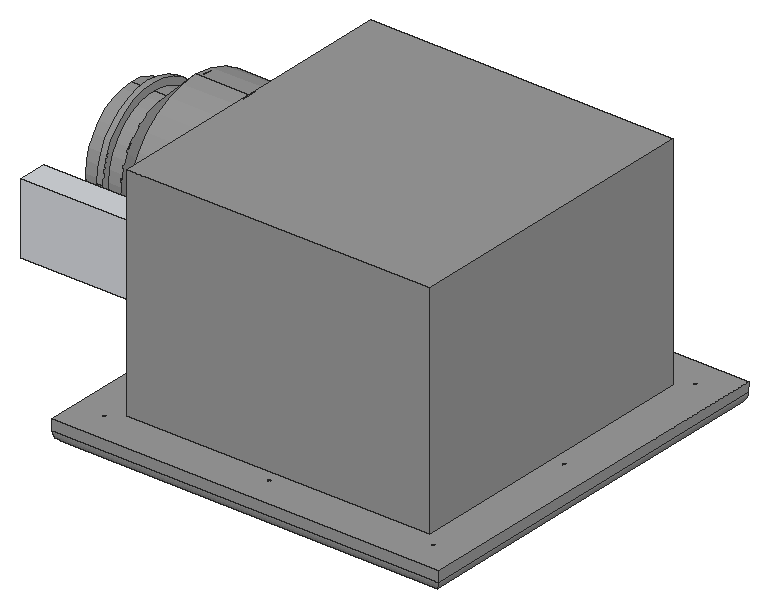
Revit family "ЦБФ_Eng", category Mechanical Equipment, Revit 2021
Family settings
  Round Connector Dimension = Use Diameter
  Classification = None
  Part Type = Normal
  Work Plane-Based = No
  Always vertical = Yes
  Cut with Voids When Loaded = No
  Shared = No
  Room Calculation Point = No
Parameters (values of type "CBF 200")
  Сonnector 2 = not(Сonnector 1)  # no
  Сonnector 1 = yes
  Width = C  # 260 mm
  Weight = 5.30 kg
  Voltage = 230 V
  Sound pressure level at 3 m distance = "24 dBA"
  Pressure_Static_Air [instance] = 0.0 Pa
  Power = 29 W
  Number of Fase = 1
  Maximum Air Flow = 210.0 m³/h
  Load Classification = "HVAC"
  Length = E  # 395 mm
  Height = H + h  # 206 mm
  Frequency = 50 Hz
  Diameter = D  # 148 mm
  Default Elevation = 0 mm
  Description = "For round channels"  # constant formula
  Manufacturer = "Vents"  # constant formula
  r = d / 2  # 49 mm
  l3 = L1 * 0.7  # 70 mm
  l2 = L1 / 2 - 5 mm  # 45 mm
  h = 18 mm  # constant formula
  d = 98 mm  # constant formula
  b = B / 2  # 129 mm
  URL = "https://ventilation-system.com/series/cbf"
  R = D / 2  # 74 mm
  Maintenance zone material = none
  L1 = 100 mm
  H1 = H - 100 mm  # 88 mm
  H = 188 mm  # constant formula
  E = 395 mm  # constant formula
  Dy = D - 5 mm  # 143 mm
  D = 148 mm
  Сonnector = Plastic, opaque, white
  C = 260 mm  # constant formula
  B1 = B - 100 mm  # 158 mm
  B = 258 mm  # constant formula
  Apparent Load = Voltage * Amperage  # 29.9 W
  Amperage = 0.13 A
  Air Flow [instance] = 0.0 m³/h
  A = 330 mm  # constant formula
  09_System_Name [instance] = ""
  00_20_Type = "CBF 200"
  00_20_Name = "Centrifugal ceiling fan"  # constant formula
  00_20_Manufacturer = "Vents"  # constant formula
Types (6, lengths in mm): name | Сonnector 2 | Сonnector 1 | Weight | Voltage | Sound pressure level at 3 m distance | Power | Maximum Air Flow | Frequency | Diameter | l3 | l2 | R | L1 | Dy | D | Apparent Load | Amperage | 00_20_Type
  (no name) | no | yes | 5.30 kg | 230 V | "24 dBA" | 29 W | 210.0 m³/h | 50 Hz | 148 | 70 | 45 | 74 | 100 | 143 | 148 | 29.9 W | 0.13 A | "CBF 200"
  CBF 200 | no | yes | 5.30 kg | 230 V | "24 dBA" | 29 W | 210.0 m³/h | 50 Hz | 148 | 70 | 45 | 74 | 100 | 143 | 148 | 29.9 W | 0.13 A | "CBF 200"
  CBF 250 | no | yes | 5.30 kg | 230 V | "29 dBA" | 39 W | 260.0 m³/h | 50 Hz | 148 | 70 | 45 | 74 | 100 | 143 | 148 | 41.4 W | 0.18 A | "CBF 250"
  CBF 300 | yes | no | 5.10 kg | 230 V | "31 dBA" | 49 W | 300.0 m³/h | 50 Hz | 149 | 35 | 20 | 74.5 | 50 | 144 | 149 | 50.6 W | 0.22 A | "CBF 300"
  CBF 110 DC | no | yes | 0.00 kg | 120 V | "25 dBA" | 19 W | 187.0 m³/h | 60 Hz | 148 | 70 | 45 | 74 | 100 | 143 | 148 | 36 W | 0.3 A | "CBF 110 DC"
  CBF 150 DC | yes | no | 0.00 kg | 120 V | "29 dBA" | 26 W | 254.0 m³/h | 60 Hz | 149 | 35 | 20 | 74.5 | 50 | 144 | 149 | 46.8 W | 0.39 A | "CBF 150 DC"
Reference planes
  plane 1 "По центру (Вперед/Назад)": y = 0
  plane 2: z = 0
  plane 3 "По центру (Влево/Вправо)": x = 0
  plane 4: x = 165
  plane 5: x = -165
  plane 6: x = -230
Forms (mm)
  Extrusion 1, solid, material "Сталь, гальванизированная"
    sketch origin (0, 0, 0) x (1, 0, 0) y (0, 1, 0)
      loop
        line (-129, -130) -> (129, -130) -> (129, 130) -> (-129, 130) -> (-129, -130)
    from 0 to 188
  Revolve 2, solid, material "Сталь, гальванизированная", visible <- "Сonnector 1"
    sketch origin (0.528, 0, 0) x (1, 0, 0) y (0, 0, 1)
      loop
        line (-129.528, 188.001) -> (-174.528, 188.001) -> (-199.528, 163.001) -> (-229.528, 163.001) -> (-229.528, 161) -> (-198.7, 161) -> (-173.7, 186) -> (-129.528, 186) -> (-129.528, 188.001)
      axis (-129.528, 114.001) -> (-229.528, 114.001)
    angle from 0 to 360
  Extrusion 3, solid, material "Каучук, черный", visible <- "Сonnector 1"
    sketch origin (0, 0, 0) x (0, 1, 0) y (0, 0, 1)
      loop
        circle (0, 114) r 49
      loop
        circle (0, 114) r 55
    from -215 to -210
  Extrusion 4, solid
    sketch origin (0, 0, 0) x (1, 0, 0) y (0, 1, 0)
      loop
        line (-129, -92.526) -> (-230, -92.526) -> (-230, -117.526) -> (-129, -117.526) -> (-129, -92.526)
    from 80 to 140.03
  Extrusion 5, solid, visible <- "Сonnector 2"
    sketch origin (0, 0, 0) x (0, 1, 0) y (0, 0, 1)
      loop
        circle (0, 113) r 74
      loop
        circle (0, 113) r 71.5
    from -229.625 to -129
Dimensions and locks
  equal spacing: Extrusion 1 sketch curve, plane 3 "По центру (Влево/Вправо)", Extrusion 1 sketch curve
  equal spacing: Extrusion 1 sketch curve, plane 1 "По центру (Вперед/Назад)", Extrusion 1 sketch curve
  "C": Extrusion 1 sketch curve to Extrusion 1 sketch curve
  "B": Extrusion 1 sketch curve to Extrusion 1 sketch curve
  "H": Extrusion 1 to level
  "R": Revolve 2 sketch curve to Revolve 2 sketch curve
  "r": Revolve 2 sketch curve to Revolve 2 sketch curve
  locked: Revolve 2 sketch curve to Revolve 2 sketch curve at 2
  equal spacing: plane 5, plane 3 "По центру (Влево/Вправо)", plane 4
  "A": plane 5 to plane 4
  "E": plane 6 to plane 4
  locked: Revolve 2 sketch curve to Revolve 2 sketch curve at 2.001  (x2)
  "L1": Revolve 2 sketch curve to Revolve 2 sketch curve
  "l2": Revolve 2 sketch curve to Revolve 2 sketch curve
  "b": plane 3 "По центру (Влево/Вправо)" to Revolve 2 sketch curve
  "l3": Revolve 2 sketch curve to Revolve 2 sketch curve
  "R": Extrusion 1 to Extrusion 3 sketch curve
  "d": diameter of Extrusion 3 sketch curve
  "D": diameter of Extrusion 5 sketch curve
  "Dy": diameter of Extrusion 5 sketch curve
  aligned and locked: level to plane 2
  aligned and locked: nested 1 to plane 2
  aligned and locked: plane 1 "По центру (Вперед/Назад)" to nested 1
  aligned and locked: plane 3 "По центру (Влево/Вправо)" to nested 1
  aligned and locked: Extrusion 5 to Extrusion 1
  aligned and locked: Extrusion 4 to plane 6
Automatic sketch dimensions
  plane 1 "По центру (Вперед/Назад)" to Extrusion 4 sketch curve = 92.526 mm
  Extrusion 4 sketch curve to plane 3 "По центру (Влево/Вправо)" = 230 mm
  Extrusion 4 sketch curve to Extrusion 4 sketch curve = 101 mm
  Extrusion 4 sketch curve to Extrusion 4 sketch curve = 25 mm
  level to Revolve 2 sketch curve = 161 mm
  Revolve 2 sketch curve to plane 6 = 37.656 mm
  plane 5 to Revolve 2 sketch curve = 30.189 mm
  Extrusion 3 sketch curve to Extrusion 3 sketch curve = 0 mm  (x2)
  Extrusion 3 sketch curve to plane 1 "По центру (Вперед/Назад)" = 0 mm
  Extrusion 5 sketch curve to Extrusion 5 sketch curve = 0 mm  (x2)
  Extrusion 5 sketch curve to plane 1 "По центру (Вперед/Назад)" = 0 mm
  level to Extrusion 5 sketch curve = 113 mm
  radius of Extrusion 3 sketch curve = 55 mm
Nested families
  nested 1: "ORG" at (0, 0, 0) x (1, 0, 0) z (0, -1, 0), type "ORG 330х330"
    with Pressure_Static_Air 0.0 m³/h, Maximum Air Flow 0.0 m³/h, Air Flow 0.0 m³/h, 09_System_Name "", 00_20_Type "ОРГ 200х200", 00_20_Name "Припливно-витяжна решітка", r 9 mm, D 18 mm
Connectors
  hvac at (-129, 0, 114.001), driven by "D"
    settings: on Revolve 2, index 1, duct flow 0.0 m³/h, flow factor 0, pres drop 0.0 Pa, loss coef 0, conn angle 0.00°, conn width 304.8 mm, conn height 304.8 mm, conn diameter 148 mm, duct sys type 3, conn prof type 0, flow config 0, flow direction 2, loss method 0, conn ref index -1, conn util no, is conn primary yes, conn desc ""
Definition of nested family "ORG"
  Parameters (values of type "ОРГ 330х330")
    Default Elevation = 0 mm
    Вага = 6.50 kg
    t = 2 mm
    r = D / 2  # 2.5 mm
    n горизонталь = A1 / S горизонталь  # 3
    n вертикаль = B1 / S вертикаль  # 23
    a2 = -A1 / 2  # -115 mm
    a1 = A1 / 2  # 115 mm
    S горизонталь = 75 mm
    S вертикаль = 10 mm
    Pressure_Static_Air [instance] = 0.0 m³/h
    Maximum Air Flow [instance] = 0.0 m³/h
    Maintenance zone material = none
    Load Classification = "HVAC"
    D = 5 mm
    B2 = B - C  # 280 mm
    B1 = B - C * 2  # 230 mm
    C = 50 mm
    B = 330 mm
    Air Flow [instance] = 0.0 m³/h
    A2 = A - C  # 280 mm
    A1 = A - 2 * C  # 230 mm
    A = 330 mm
    09_System_Name [instance] = ""
    00_20_Type [instance] = "ОРГ 200х200"
    00_20_Name [instance] = "Припливно-витяжна решітка"
    00_20_Manufacturer = "Вентс"  # constant formula
  Reference planes
    plane 1 "По центру (Вперед/Назад)": y = 0
    plane 2: z = 0
    plane 3 "По центру (Влево/Вправо)": x = 0
    plane 4: x = 115
    plane 5: x = -115
    plane 6: z = 115
    plane 7: z = -115
    plane 8: z = 140
    plane 9: x = -140
    plane 10: x = 140
    plane 11: z = -140
  Forms (mm)
    Extrusion 1, solid
      sketch origin (-145.595, 0, 117.557) x (1, 0, 0) y (0, 0, 1)
        loop
          line (30.595, -232.557) -> (260.595, -232.557) -> (260.595, -2.557) -> (30.595, -2.557) -> (30.595, -232.557)
        loop
          line (-19.405, -282.557) -> (310.595, -282.557) -> (310.595, 47.443) -> (-19.405, 47.443) -> (-19.405, -282.557)
      from 0 to 5 <- "D"
    Extrusion 2, solid
      sketch origin (0, -3, -104) x (0, 1, 0) y (0, 0, 1)
        loop
          line (3, 215.798) -> (-2, 215.798) -> (-2, 213.798) -> (3, 213.798) -> (3, 215.798)
      from 115 <- "a1" to -115 <- "a2"
    Extrusion 3, solid
      sketch origin (0, -3, -114) x (0, 1, 0) y (0, 0, 1)
        loop
          line (3, 215.798) -> (-2, 215.798) -> (-2, 213.798) -> (3, 213.798) -> (3, 215.798)
      from 115 <- "a1" to -115 <- "a2"
    Extrusion 4, solid
      sketch origin (0, -3, -124) x (0, 1, 0) y (0, 0, 1)
        loop
          line (3, 215.798) -> (-2, 215.798) -> (-2, 213.798) -> (3, 213.798) -> (3, 215.798)
      from 115 <- "a1" to -115 <- "a2"
    Extrusion 5, solid
      sketch origin (0, -3, -134) x (0, 1, 0) y (0, 0, 1)
        loop
          line (3, 215.798) -> (-2, 215.798) -> (-2, 213.798) -> (3, 213.798) -> (3, 215.798)
      from 115 <- "a1" to -115 <- "a2"
    Extrusion 6, solid
      sketch origin (0, -3, -144) x (0, 1, 0) y (0, 0, 1)
        loop
          line (3, 215.798) -> (-2, 215.798) -> (-2, 213.798) -> (3, 213.798) -> (3, 215.798)
      from 115 <- "a1" to -115 <- "a2"
    Extrusion 7, solid
      sketch origin (0, -3, -154) x (0, 1, 0) y (0, 0, 1)
        loop
          line (3, 215.798) -> (-2, 215.798) -> (-2, 213.798) -> (3, 213.798) -> (3, 215.798)
      from 115 <- "a1" to -115 <- "a2"
    Extrusion 8, solid
      sketch origin (0, -3, -164) x (0, 1, 0) y (0, 0, 1)
        loop
          line (3, 215.798) -> (-2, 215.798) -> (-2, 213.798) -> (3, 213.798) -> (3, 215.798)
      from 115 <- "a1" to -115 <- "a2"
    Extrusion 9, solid
      sketch origin (0, -3, -174) x (0, 1, 0) y (0, 0, 1)
        loop
          line (3, 215.798) -> (-2, 215.798) -> (-2, 213.798) -> (3, 213.798) -> (3, 215.798)
      from 115 <- "a1" to -115 <- "a2"
    Extrusion 10, solid
      sketch origin (0, -3, -184) x (0, 1, 0) y (0, 0, 1)
        loop
          line (3, 215.798) -> (-2, 215.798) -> (-2, 213.798) -> (3, 213.798) -> (3, 215.798)
      from 115 <- "a1" to -115 <- "a2"
    Extrusion 11, solid
      sketch origin (0, -3, -194) x (0, 1, 0) y (0, 0, 1)
        loop
          line (3, 215.798) -> (-2, 215.798) -> (-2, 213.798) -> (3, 213.798) -> (3, 215.798)
      from 115 <- "a1" to -115 <- "a2"
    Sweep 12, void
      path in 3D
        loop
          line (-165, -5, 165) -> (-165, -5, -165) -> (165, -5, -165) -> (165, -5, 165) -> (-165, -5, 165)
      profile origin (0, -5, 165) x (0, -1, 0) y (0, 0, 1)
        loop
          line (0, 0) -> (-2.5, 0)
          arc (-2.5, 0) -> (-0.732, -0.732) -> (0, -2.5) r 2.5
          line (0, -2.5) -> (0, 0)
    Extrusion 13, void
      sketch origin (0, 0, 0) x (1, 0, 0) y (0, 0, 1)
        loop
          circle (140.01, 140.01) r 1
        loop
          circle (-140.01, 140.01) r 1
        loop
          circle (140, 0) r 1
        loop
          circle (-140, 0) r 1
        loop
          circle (-140.01, -140.01) r 1
        loop
          circle (140.01, -140.01) r 1
        loop
          circle (0, -140) r 1
        loop
          circle (0, 140) r 1
      from 0 to 5 <- "D"
    Extrusion 14, solid
      sketch origin (0, -3, -204) x (0, 1, 0) y (0, 0, 1)
        loop
          line (3, 215.798) -> (-2, 215.798) -> (-2, 213.798) -> (3, 213.798) -> (3, 215.798)
      from 115 <- "a1" to -115 <- "a2"
    Extrusion 15, solid
      sketch origin (-79.143, 0, -80) x (1, 0, 0) y (0, 0, 1)
        loop
          line (-32.857, -35) -> (-30.857, -35) -> (-30.857, 195) -> (-32.857, 195) -> (-32.857, -35)
      from 0 to 5 <- "D"
    Extrusion 16, solid
      sketch origin (-4.143, 0, -80) x (1, 0, 0) y (0, 0, 1)
        loop
          line (-32.857, -35) -> (-30.857, -35) -> (-30.857, 195) -> (-32.857, 195) -> (-32.857, -35)
      from 0 to 5 <- "D"
    Extrusion 17, solid
      sketch origin (70.857, 0, -80) x (1, 0, 0) y (0, 0, 1)
        loop
          line (-32.857, -35) -> (-30.857, -35) -> (-30.857, 195) -> (-32.857, 195) -> (-32.857, -35)
      from 0 to 5 <- "D"
    Extrusion 18, solid
      sketch origin (0, -3, -214) x (0, 1, 0) y (0, 0, 1)
        loop
          line (3, 215.798) -> (-2, 215.798) -> (-2, 213.798) -> (3, 213.798) -> (3, 215.798)
      from 115 <- "a1" to -115 <- "a2"
    Extrusion 19, solid
      sketch origin (0, -3, -224) x (0, 1, 0) y (0, 0, 1)
        loop
          line (3, 215.798) -> (-2, 215.798) -> (-2, 213.798) -> (3, 213.798) -> (3, 215.798)
      from 115 <- "a1" to -115 <- "a2"
    Extrusion 20, solid
      sketch origin (0, -3, -234) x (0, 1, 0) y (0, 0, 1)
        loop
          line (3, 215.798) -> (-2, 215.798) -> (-2, 213.798) -> (3, 213.798) -> (3, 215.798)
      from 115 <- "a1" to -115 <- "a2"
    Extrusion 21, solid
      sketch origin (0, -3, -244) x (0, 1, 0) y (0, 0, 1)
        loop
          line (3, 215.798) -> (-2, 215.798) -> (-2, 213.798) -> (3, 213.798) -> (3, 215.798)
      from 115 <- "a1" to -115 <- "a2"
    Extrusion 22, solid
      sketch origin (0, -3, -254) x (0, 1, 0) y (0, 0, 1)
        loop
          line (3, 215.798) -> (-2, 215.798) -> (-2, 213.798) -> (3, 213.798) -> (3, 215.798)
      from 115 <- "a1" to -115 <- "a2"
    Extrusion 23, solid
      sketch origin (0, -3, -264) x (0, 1, 0) y (0, 0, 1)
        loop
          line (3, 215.798) -> (-2, 215.798) -> (-2, 213.798) -> (3, 213.798) -> (3, 215.798)
      from 115 <- "a1" to -115 <- "a2"
    Extrusion 24, solid
      sketch origin (0, -3, -274) x (0, 1, 0) y (0, 0, 1)
        loop
          line (3, 215.798) -> (-2, 215.798) -> (-2, 213.798) -> (3, 213.798) -> (3, 215.798)
      from 115 <- "a1" to -115 <- "a2"
    Extrusion 25, solid
      sketch origin (0, -3, -284) x (0, 1, 0) y (0, 0, 1)
        loop
          line (3, 215.798) -> (-2, 215.798) -> (-2, 213.798) -> (3, 213.798) -> (3, 215.798)
      from 115 <- "a1" to -115 <- "a2"
    Extrusion 26, solid
      sketch origin (0, -3, -294) x (0, 1, 0) y (0, 0, 1)
        loop
          line (3, 215.798) -> (-2, 215.798) -> (-2, 213.798) -> (3, 213.798) -> (3, 215.798)
      from 115 <- "a1" to -115 <- "a2"
    Extrusion 27, solid
      sketch origin (0, -3, -304) x (0, 1, 0) y (0, 0, 1)
        loop
          line (3, 215.798) -> (-2, 215.798) -> (-2, 213.798) -> (3, 213.798) -> (3, 215.798)
      from 115 <- "a1" to -115 <- "a2"
    Extrusion 28, solid
      sketch origin (0, -3, -314) x (0, 1, 0) y (0, 0, 1)
        loop
          line (3, 215.798) -> (-2, 215.798) -> (-2, 213.798) -> (3, 213.798) -> (3, 215.798)
      from 115 <- "a1" to -115 <- "a2"
    Extrusion 29, solid
      sketch origin (0, -3, -324) x (0, 1, 0) y (0, 0, 1)
        loop
          line (3, 215.798) -> (-2, 215.798) -> (-2, 213.798) -> (3, 213.798) -> (3, 215.798)
      from 115 <- "a1" to -115 <- "a2"
  Cuts and joins
    Sweep 12, Extrusion 13 cuts Extrusion 1
  Lines and regions (mm)
    sketch lines
      curve 1: line (165, -5, 165) -> (-165, -5, 165)
      curve 2: line (-165, -5, 165) -> (-165, -5, -165)
      curve 3: line (165, -5, -165) -> (165, -5, 165)
      curve 4: line (-165, -5, -165) -> (165, -5, -165)
  Dimensions and locks
    "B": Extrusion 1 sketch curve to Extrusion 1 sketch curve
    "A": Extrusion 1 sketch curve to Extrusion 1 sketch curve
    equal spacing: Extrusion 1 sketch curve, plane 3 "По центру (Влево/Вправо)", Extrusion 1 sketch curve
    equal spacing: Extrusion 1 sketch curve, level, Extrusion 1 sketch curve
    equal spacing: plane 7, level, plane 6
    "B1": plane 7 to plane 6
    equal spacing: plane 4, plane 3 "По центру (Влево/Вправо)", plane 5
    "A1": plane 4 to plane 5
    "t": Extrusion 2 sketch curve to Extrusion 2 sketch curve
    locked: plane 6 to Extrusion 2 at 3.202
    "t": Extrusion 3 sketch curve to Extrusion 3 sketch curve
    equal spacing: group 1, group 2, group 3, group 4, group 5, group 6, group 7, group 8, group 9, group 10, group 11, group 15, group 16, group 17, group 18, group 19, group 20, group 21, group 22, group 23, group 24, group 25, group 26  (x2)
    equal spacing: group 26, group 25, group 24, group 23, group 22, group 21, group 20, group 19, group 18, group 17, group 16, group 15, group 11, group 10, group 9, group 8, group 7, group 6, group 5, group 4, group 3, group 2, group 1
    "t": Extrusion 4 sketch curve to Extrusion 4 sketch curve
    "S вертикаль": Extrusion 2 to Extrusion 3
    "t": Extrusion 5 sketch curve to Extrusion 5 sketch curve
    "t": Extrusion 6 sketch curve to Extrusion 6 sketch curve
    "t": Extrusion 7 sketch curve to Extrusion 7 sketch curve
    "t": Extrusion 8 sketch curve to Extrusion 8 sketch curve
    "t": Extrusion 9 sketch curve to Extrusion 9 sketch curve
    "t": Extrusion 10 sketch curve to Extrusion 10 sketch curve
    "t": Extrusion 11 sketch curve to Extrusion 11 sketch curve
    equal spacing: plane 9, plane 3 "По центру (Влево/Вправо)", plane 10
    "A2": plane 9 to plane 10
    equal spacing: plane 11, level, plane 8
    "B2": plane 11 to plane 8
    "D": Extrusion 2 sketch curve to Extrusion 2 sketch curve
    "D": Extrusion 3 sketch curve to Extrusion 3 sketch curve
    "D": Extrusion 4 sketch curve to Extrusion 4 sketch curve
    "D": Extrusion 5 sketch curve to Extrusion 5 sketch curve
    "D": Extrusion 6 sketch curve to Extrusion 6 sketch curve
    "D": Extrusion 7 sketch curve to Extrusion 7 sketch curve
    "D": Extrusion 8 sketch curve to Extrusion 8 sketch curve
    "D": Extrusion 9 sketch curve to Extrusion 9 sketch curve
    "D": Extrusion 10 sketch curve to Extrusion 10 sketch curve
    "D": Extrusion 11 sketch curve to Extrusion 11 sketch curve
    "t": Extrusion 14 sketch curve to Extrusion 14 sketch curve
    "D": Extrusion 14 sketch curve to Extrusion 14 sketch curve
    "B1": Extrusion 15 sketch curve to Extrusion 15 sketch curve
    "t": Extrusion 15 sketch curve to Extrusion 15 sketch curve
    locked: Extrusion 15 to plane 5 at 3
    "B1": Extrusion 16 sketch curve to Extrusion 16 sketch curve
    "t": Extrusion 16 sketch curve to Extrusion 16 sketch curve
    equal spacing: group 12, group 13, group 14  (x3)
    "S горизонталь": Extrusion 16 to Extrusion 15
    "B1": Extrusion 17 sketch curve to Extrusion 17 sketch curve
    "t": Extrusion 17 sketch curve to Extrusion 17 sketch curve
    "t": Extrusion 18 sketch curve to Extrusion 18 sketch curve
    "D": Extrusion 18 sketch curve to Extrusion 18 sketch curve
    "t": Extrusion 19 sketch curve to Extrusion 19 sketch curve
    "D": Extrusion 19 sketch curve to Extrusion 19 sketch curve
    "t": Extrusion 20 sketch curve to Extrusion 20 sketch curve
    "D": Extrusion 20 sketch curve to Extrusion 20 sketch curve
    "t": Extrusion 21 sketch curve to Extrusion 21 sketch curve
    "D": Extrusion 21 sketch curve to Extrusion 21 sketch curve
    "t": Extrusion 22 sketch curve to Extrusion 22 sketch curve
    "D": Extrusion 22 sketch curve to Extrusion 22 sketch curve
    "t": Extrusion 23 sketch curve to Extrusion 23 sketch curve
    "D": Extrusion 23 sketch curve to Extrusion 23 sketch curve
    "t": Extrusion 24 sketch curve to Extrusion 24 sketch curve
    "D": Extrusion 24 sketch curve to Extrusion 24 sketch curve
    "t": Extrusion 25 sketch curve to Extrusion 25 sketch curve
    "D": Extrusion 25 sketch curve to Extrusion 25 sketch curve
    "t": Extrusion 26 sketch curve to Extrusion 26 sketch curve
    "D": Extrusion 26 sketch curve to Extrusion 26 sketch curve
    "t": Extrusion 27 sketch curve to Extrusion 27 sketch curve
    "D": Extrusion 27 sketch curve to Extrusion 27 sketch curve
    "t": Extrusion 28 sketch curve to Extrusion 28 sketch curve
    "D": Extrusion 28 sketch curve to Extrusion 28 sketch curve
    "t": Extrusion 29 sketch curve to Extrusion 29 sketch curve
    "D": Extrusion 29 sketch curve to Extrusion 29 sketch curve
    "r": radius of Sweep 12 sketch curve
    aligned and locked: level to plane 2
    aligned and locked: Extrusion 1 sketch curve to plane 4
    aligned and locked: plane 5 to Extrusion 1 sketch curve
    aligned and locked: Extrusion 1 sketch curve to plane 6
    aligned and locked: plane 7 to Extrusion 1 sketch curve
    aligned and locked: Extrusion 2 to plane 1 "По центру (Вперед/Назад)"
    aligned and locked: plane 6 to Extrusion 15
    aligned and locked: Extrusion 15 to plane 7
    aligned and locked: Extrusion 14 to plane 1 "По центру (Вперед/Назад)"
  Automatic sketch dimensions
    Extrusion 13 sketch curve to level = 0 mm  (x2)
    plane 9 to Extrusion 13 sketch curve = 0 mm
    Extrusion 13 sketch curve to plane 3 "По центру (Влево/Вправо)" = 0 mm  (x2)
    plane 10 to Extrusion 13 sketch curve = 0 mm
    Extrusion 13 sketch curve to plane 11 = 0 mm
    Extrusion 13 sketch curve to plane 8 = 0 mm
    plane 9 to Extrusion 13 sketch curve = 0.01 mm  (x2)
    Extrusion 13 sketch curve to plane 10 = 0.01 mm  (x2)
    Extrusion 13 sketch curve to plane 11 = 0.01 mm  (x2)
    plane 8 to Extrusion 13 sketch curve = 0.01 mm  (x2)
    Sweep 12 sketch curve to profile plane = 0 mm  (x2)
    radius of Extrusion 13 sketch curve = 1 mm  (x8)
